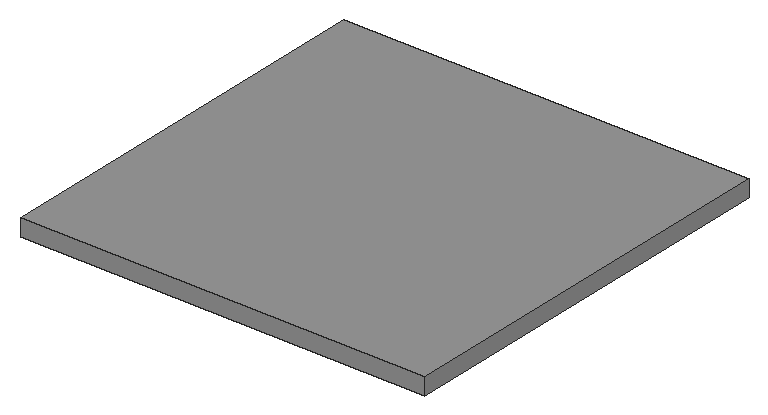
Revit family "Echo Eliminator - Acoustical Backer", category Generic Models, Revit 2016
Family settings
  Part Type = Normal
  Can host rebar = No
  Round Connector Dimension = Use Diameter
  Work Plane-Based = Yes
  Always vertical = No
  Cut with Voids When Loaded = No
  Shared = No
  Room Calculation Point = No
Parameters (values of type "2 INCH THICK - 48 inch wdith")
  URL = "https://www.acousticalsurfaces.com/echo-eliminator/acoustical-backer/"
  Thickness = 0' - 2"
  Material = "Echo Eliminator - Acoustical Backer"
  Manufacturer = "Acoustical Surfaces, Inc."
  Finish = Echo Eliminator - Acoustical Backer - Marble Blue
  Width = 4' - 0"
  Length = 4' - 0"
  Default Elevation = 4' - 0"
  A = 0' - 0"
Types (4): name | Thickness
  2 INCH THICK - 48 inch wdith | 0' - 2"
  1.5 INCH THICK - 48 inch wdith 2 | 0' - 1 1/2"
  1 INCH THICK - 48 inch wdith | 0' - 1"
  HALF INCH THICK - 48 inch wdith | 0' - 0 1/2"
Reference planes (in)
  plane 1 "Center (Front/Back)": y = 0
  plane 2: z = 0
  plane 3 "Center (Left/Right)": x = 0
Dimensions and locks (in)
  "A": nested 1 to level
  aligned and locked: level to plane 2
Nested families (in)
  nested 1: "Square" at (0, 0, 0), type "Square"
    with Thickness 0' - 2", B 4' - 0"
Definition of nested family "Square"
  Parameters (values of type "Square")
    Thickness = 0' - 1"
    Material = none
    B = 2' - 0"
    A = 4' - 0"
  Reference planes (in)
    plane 1 "Center (Front/Back)": y = 0
    plane 2: z = 0
    plane 3 "Center (Left/Right)": x = 0
    plane 4: x = -24
    plane 5: x = 24
    plane 6: y = 12
    plane 7: y = -12
    plane 8: z = 1
  Forms (in)
    Extrusion 1, solid, material <- "Material"
      sketch origin (0, 0, 0) x (1, 0, 0) y (0, 1, 0)
        loop
          line (24, 12) -> (-24, 12) -> (-24, -12) -> (24, -12) -> (24, 12)
      from 0 to 1
  Dimensions and locks (in)
    equal spacing: plane 4, plane 3 "Center (Left/Right)", plane 5
    equal spacing: plane 7, plane 1 "Center (Front/Back)", plane 6
    "B": plane 7 to plane 6
    "A": plane 4 to plane 5
    "Thickness": plane 8 to level
    aligned and locked: level to plane 2
    aligned and locked: Extrusion 1 sketch curve to plane 4
    aligned and locked: plane 5 to Extrusion 1 sketch curve
    aligned and locked: Extrusion 1 sketch curve to plane 6
    aligned and locked: Extrusion 1 sketch curve to plane 7
    aligned and locked: Extrusion 1 to plane 8
